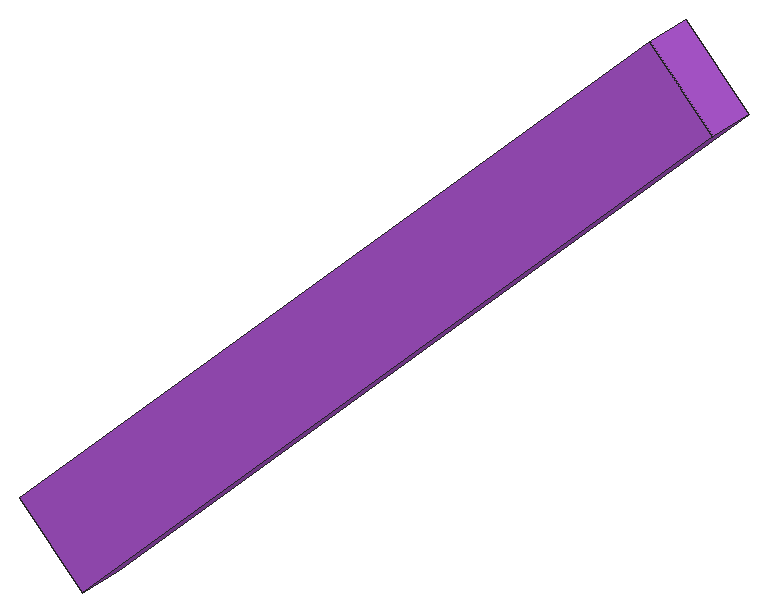
Revit family "ケーブルトレイサポート_溝形鋼", category Generic Models, Revit 2020
Family settings
  Can host rebar = No
  Round Connector Dimension = Use Diameter
  Part Type = Normal
  Work Plane-Based = Yes
  Always vertical = No
  Cut with Voids When Loaded = No
  Shared = No
  Room Calculation Point = No
Parameters (values of type "C 100 x 50")
  高さ = 100 mm
  長辺 [instance] = 長さ  # 1000 mm
  長さ [instance] = 1000 mm
  部屋名 = ""
  角度 [instance] = 45.00°
  Default Elevation = 1219.2 mm
  構造マテリアル = E304_ケーブルトレイサポート
  幅 = 50 mm
Types (10, lengths in mm): name | 高さ | 幅
  C 100 x 50 | 100 | 50
  C 125 x 65 | 125 | 65
  C 150 x 75 | 150 | 75
  C 180 x 75 | 180 | 75
  C 200 x 80 | 200 | 80
  C 200 x 90 | 200 | 90
  C 250 x 90 | 250 | 90
  C 300 x 90 | 300 | 90
  C 380 x 100 | 380 | 100
  C 75 x 40 | 75 | 40
Reference planes
  plane 1 "中心(正面/背面)": y = 0
  plane 2: z = 0
  plane 3 "中心(左/右)": x = 0
Lines and regions (mm)
  reference lines
    curve 1: line (0, 0, 0) -> (777.817, 0, 777.817)
    curve 2: line (35.355, 0, -35.355) -> (-35.355, 0, 35.355)
    curve 3: line (742.462, 0, 671.751) -> (671.751, 0, 742.462)
Dimensions and locks
  equal spacing: curve 2, curve 1, curve 2
  "高さ": curve 2 to curve 2
  equal spacing: curve 3, curve 1, curve 3
  "高さ": curve 3 to curve 3
  "長さ": curve 3 to curve 2
  "角度": angle level to curve 1
  angle curve 2 to curve 1 = 90.00°
  angle curve 3 to curve 1 = 90.00°
  aligned and locked: level to plane 2
  aligned and locked: level to curve 1
  aligned and locked: plane 3 "中心(左/右)" to curve 1
  aligned and locked: nested 1 to curve 1
Nested families
  nested 1: "溝形鋼" at (-35.355, 0, 35.355) x (0, 1, 0) z (0.7071, 0, -0.7071), 長さ <- "長さ", type "C 100 x 50"
    with 長辺 1000 mm, 長さ 1000 mm, 高さ 100 mm, 幅 50 mm
Definition of nested family "溝形鋼"
  Parameters (values of type "Ｈ 150 x 150")
    高さ = 150 mm
    長辺 [instance] = 長さ  # 500 mm
    長さ [instance] = 500 mm
    部屋名 = ""
    Default Elevation = 1219.2 mm
    構造マテリアル = none
    幅 = 150 mm
  Types (33, lengths in mm): name | 高さ | 長辺 | 長さ | 幅
    Ｈ 900 x 300 | 900 | 1000 | 1000 | 300
    Ｈ 800 x 300 | 800 | 1000 | 1000 | 300
    Ｈ 700 x 300 | 700 | 1000 | 1000 | 300
    Ｈ 588 x 300 | 588 | 1000 | 1000 | 300
    Ｈ 600 x 200 | 600 | 1000 | 1000 | 200
    Ｈ 488 x 300 | 488 | 1000 | 1000 | 300
    Ｈ 500 x 200 | 500 | 1000 | 1000 | 200
    Ｈ 440 x 300 | 440 | 1000 | 1000 | 300
    Ｈ 450 x 200 | 450 | 1000 | 1000 | 200
    Ｈ 400 x 400 | 400 | 1000 | 1000 | 400
    Ｈ 390 x 300 | 390 | 1000 | 1000 | 300
    Ｈ 400 x 200 | 400 | 1000 | 1000 | 200
    Ｈ 350 x 350 | 350 | 1000 | 1000 | 350
    Ｈ 340 x 250 | 340 | 1000 | 1000 | 250
    Ｈ 294 x 200 | 294 | 1000 | 1000 | 200
    Ｈ 244 x 175 | 244 | 1000 | 1000 | 175
    Ｈ 350 x 175 | 350 | 1000 | 1000 | 175
    Ｈ 300 x 300 | 300 | 1000 | 1000 | 300
    Ｈ 300 x 150 | 300 | 500 | 500 | 150
    Ｈ 250 x 250 | 250 | 500 | 500 | 250
    Ｈ 250 x 125 | 250 | 500 | 500 | 125
    Ｈ 200 x 200 | 200 | 500 | 500 | 200
    Ｈ 194 x 150 | 194 | 500 | 500 | 150
    Ｈ 200 x 100 | 200 | 500 | 500 | 100
    Ｈ 175 x 175 | 175 | 500 | 500 | 175
    Ｈ 175 x 90 | 175 | 500 | 500 | 90
    Ｈ 150 x 150 | 150 | 500 | 500 | 150
    Ｈ 148 x 100 | 148 | 500 | 500 | 100
    Ｈ 150 x 75 | 150 | 500 | 500 | 75
    Ｈ 125 x 125 | 125 | 500 | 500 | 125
    Ｈ 125 x 60 | 125 | 500 | 500 | 60
    Ｈ 100 x100 | 100 | 500 | 500 | 100
    Ｈ 100 x 50 | 100 | 500 | 500 | 50
  Reference planes
    plane 1 "中心(正面/背面)": y = 0
    plane 2: z = 0
    plane 3 "中心(左/右)": x = 0
    plane 4: z = 75
    plane 5: z = 150
  Forms (mm)
    Extrusion 1, solid, material <- "構造マテリアル"
      sketch origin (0, 0, 0) x (1, 0, 0) y (0, 1, 0)
        loop
          line (-75, 500) -> (-75, 0) -> (75, 0) -> (75, 500) -> (-75, 500)
      from 0 to 150
  Lines and regions (mm)
    reference lines
      curve 1: line (75, 500, 0) -> (-75, 500, 0)
      curve 2: line (75, 0, 0) -> (-75, 0, 0)
  Dimensions and locks
    "長さ": curve 1 to curve 2
    "幅": Extrusion 1 to Extrusion 1
    equal spacing: Extrusion 1, plane 3 "中心(左/右)", Extrusion 1
    "幅": curve 1 to curve 1
    equal spacing: curve 1, plane 3 "中心(左/右)", curve 1
    "幅": curve 2 to curve 2
    equal spacing: curve 2, plane 3 "中心(左/右)", curve 2
    equal spacing: plane 5, plane 4, level
    "高さ": plane 5 to level
    aligned and locked: level to plane 2
    aligned and locked: Extrusion 1 to curve 2
    aligned and locked: curve 1 to Extrusion 1
    aligned and locked: plane 5 to Extrusion 1
  Automatic sketch dimensions
    Extrusion 1 sketch curve to plane 3 "中心(左/右)" = 75 mm
    plane 3 "中心(左/右)" to Extrusion 1 sketch curve = 75 mm
    plane 1 "中心(正面/背面)" to Extrusion 1 sketch curve = 0 mm
    Extrusion 1 sketch curve to plane 1 "中心(正面/背面)" = 500 mm
    plane 1 "中心(正面/背面)" to curve 2 = 0 mm
